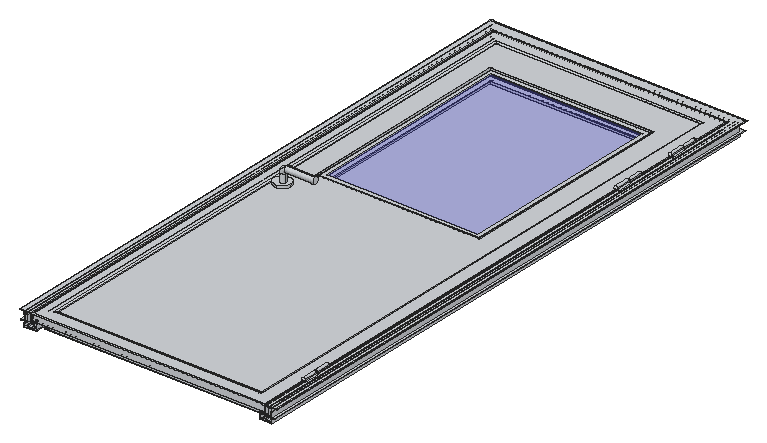
Revit family "Porta GSL", category Doors, host Face, Revit 2020
Family settings
  Host = Face
  Cut with Voids When Loaded = Yes
  Shared = No
  Room Calculation Point = No
Parameters (values of type "50 - 1000 x 2100")
  Visor = yes
  VISOR [instance] = yes
  VEDAÇÃO INFERIOR [instance] = yes
  TAMPÃO = ""
  TAG [instance] = ""
  RAL do TAMPÃO [instance] = none
  Painel 50mm [instance] = or(Espessura Painel = 50 mm, Espessura Painel = 70 mm)  # no
  Painel 32mm [instance] = Espessura Painel = 32 mm  # yes
  PISO [instance] = ""
  Offset Dobradica = if(Folha 32mm, 19 mm, 31 mm)  # 31 mm
  Offset = if(Folha 32mm, 45 mm, 57.5 mm)  # 57.5 mm
  OBSERVAÇÃO [instance] = ""
  NÚCLEO = ""
  Material do Perfil [instance] = none
  Largura do Visor = 600 mm
  Largura Vao Luz = 800 mm
  Folha 50mm = Espessura Folha = 50 mm  # yes
  Folha 32mm = Espessura Folha = 32 mm  # no
  FIXAÇÃO [instance] = ""
  Espessura Folha = 50 mm
  Espessura Painel [instance] = 32 mm
  Define Thermal Properties by = Schematic Type
  Default Elevation = 0 mm
  DETALHE [instance] = ""
  Complemento 50mm [instance] = and(Complemento, not(Complemento 32mm))  # no
  Complemento 32mm [instance] = and(Complemento, Espessura Painel = 32 mm)  # yes
  Complemento [instance] = yes
  BUMPER [instance] = yes
  Angulo Abertura [instance] = 0.00°
  Altura do Visor = 800 mm
  Altura Vao Luz = 2100 mm
  ABERTURA [instance] = ""
Types (2, lengths in mm): name | Painel 50mm | Painel 32mm | Offset Dobradica | Offset | Folha 50mm | Folha 32mm | Espessura Folha | Espessura Painel | Complemento 50mm | Complemento 32mm
  32 - 800 x 2100 | yes | no | 19 | 45 | no | yes | 32 | 70 | yes | no
  50 - 1000 x 2100 | no | yes | 31 | 57.5 | yes | no | 50 | 32 | no | yes
Reference planes
  plane 1 "Centro (Frente/Trás)": y = 0
  plane 2: z = 0
  plane 3 "Centro (Esquerda/Direita)": x = 0
  plane 4: y = 2100
  plane 5: x = 400
  plane 6: x = -400
  plane 7: x = 445
  plane 8: y = 2157.5
  plane 9: z = -32
  plane 10: z = -16
  plane 11: z = 1.503
  plane 12: z = 7.503
  plane 13: y = 232.5
  plane 14: y = 1924.5
  plane 15: y = 1674.5
  plane 16: x = 431
  plane 17: x = 935
  plane 18: x = 457.5
  plane 19: x = -457.5
  plane 20: y = 1050
Forms (mm)
  Extrusion 1, void
    sketch origin (0, 0, 0) x (1, 0, 0) y (0, 1, 0)
      loop
        line (-457.5, 2157.5) -> (-457.5, 0) -> (457.5, 0) -> (457.5, 2157.5) -> (-457.5, 2157.5)
    from 0 to -32
Lines and regions (mm)
  reference lines
    curve 1: line (431, 0, 1.514) -> (400, 0, 1.514)
    curve 2: line (431, 0, 7.503) -> (431, 0, 1.514)
Dimensions and locks
  "Altura Vao Luz": plane 1 "Centro (Frente/Trás)" to plane 4
  equal spacing: plane 6, plane 3 "Centro (Esquerda/Direita)", plane 5
  "Largura Vao Luz": plane 6 to plane 5
  locked: plane 5 to plane 7 at 45
  "Offset": plane 8 to plane 4
  equal spacing: plane 2, plane 10, plane 9
  "Espessura Painel": plane 2 to plane 9
  locked: plane 11 to plane 2 at 1.503
  locked: plane 12 to plane 2 at 7.503
  locked: curve 2 to curve 2 at 5.989
  locked: plane 1 "Centro (Frente/Trás)" to plane 13 at 232.5
  plane 15 to plane 14 to plane 4 = 250 mm locked, 175.5 mm locked
  "Offset Dobradica": plane 5 to plane 16
  "Offset Dobradica": curve 1 to curve 1
  "Offset Dobradica": nested 1 to curve 2
  "Offset": plane 5 to plane 18
  "Offset": plane 19 to plane 6
  locked: plane 1 "Centro (Frente/Trás)" to plane 20 at 1050
  locked: curve 2 to curve 1 (angle 90.00°)
  "Angulo Abertura": angle curve 2 to plane 16
  aligned and locked: plane 2 to host face
  aligned and locked: level to host face
  aligned and locked: Extrusion 1 sketch curve to plane 1 "Centro (Frente/Trás)"
  aligned and locked: plane 8 to Extrusion 1 sketch curve
  aligned and locked: plane 3 "Centro (Esquerda/Direita)" to nested 2
  aligned and locked: plane 2 to nested 2
  aligned and locked: plane 12 to curve 2
  aligned and locked: curve 1 to nested 1
  aligned and locked: plane 16 to nested 3
  aligned and locked: plane 16 to nested 4
  aligned and locked: plane 16 to nested 5
  aligned and locked: plane 16 to curve 2
  aligned and locked: Extrusion 1 sketch curve to plane 18
  aligned and locked: Extrusion 1 sketch curve to plane 19
  aligned and locked: Extrusion 1 to plane 9
  aligned and locked: plane 20 to nested 6
  aligned and locked: nested 6 to nested 1
Automatic sketch dimensions
  host sketch curve to host sketch curve = 2438.4 mm
  host sketch curve to host sketch curve = 3919.2 mm
Nested families
  nested 1: "GSL Folha" at (0, 0, -25.486) x (1, 0, 0) z (0, 1, 0), Largura <- "Largura Vao Luz", Altura <- "Altura Vao Luz", Espessura <- "Espessura Folha", Altura do Visor <- "Altura do Visor", Largura do Visor <- "Largura do Visor", Nucelo <- "RAL do TAMPÃO", Quadro <- "Material do Perfil", type "GSL Folha"
    with Quadro none, Nucelo none, Largura do Visor 600 mm, Largura 800 mm, Espessura Furo 70 mm, Espessura 50 mm, Altura do Visor 800 mm, Altura 2100 mm
  nested 2: "GSL Moldura" at (0, 0, 0) x (1, 0, 0) z (0, 1, 0), Altura <- "Altura Vao Luz", Espessura Painel <- "Espessura Painel", Largura <- "Largura Vao Luz", Material do Perfil <- "Material do Perfil", type "GSL Moldura"
    with Material do Perfil none, Largura + 90mm 890 mm, Largura + 115mm 915 mm, Largura 800 mm, Espessura Painel 32 mm, Altura 2100 mm
  nested 3: "GSL Dobradica" at (431, 232.5, 7.503) x (1, 0, 0) z (0, 1, 0), Angulo Abertura <- "Angulo Abertura", Al <- "Material do Perfil", type "GSL Dobradica"
    with Angulo Abertura 0.00°
  nested 4: "GSL Dobradica" at (431, 1674.5, 7.503) x (1, 0, 0) z (0, 1, 0), Angulo Abertura <- "Angulo Abertura", Al <- "Material do Perfil", type "GSL Dobradica"
    with Angulo Abertura 0.00°
  nested 5: "GSL Dobradica" at (431, 1924.5, 7.503) x (1, 0, 0) z (0, 1, 0), Angulo Abertura <- "Angulo Abertura", Al <- "Material do Perfil", type "GSL Dobradica"
    with Angulo Abertura 0.00°
  nested 6: "macaneta" at (-400, 1050, -0.486), Material <- "Material do Perfil", type "macaneta"
    with Material none
  nested 7: "Visor porta" at (0, 1552, 1.014), type "Visor porta"
    with Largura 600 mm, Espessura Folha 50 mm, Altura 800 mm
Definition of nested family "GSL Folha"
  Parameters (values of type "GSL Folha")
    Visor = yes
    Quadro [instance] = none
    Nucelo [instance] = none
    Largura do Visor [instance] = 600 mm
    Largura [instance] = 800 mm
    Espessura Furo [instance] = if(Visor, 70 mm, 1 mm)  # 70 mm
    Espessura [instance] = 50 mm
    Default Elevation = 0 mm
    Altura do Visor [instance] = 800 mm
    Altura [instance] = 2100 mm
    50mm = yes
    32mm = no
  Reference planes
    plane 1 "Centro (Frente/Trás)": y = 0
    plane 2: z = 0
    plane 3 "Centro (Esquerda/Direita)": x = 0
    plane 4: x = -400
    plane 5: x = 400
    plane 6: y = -25
    plane 7: y = 25
    plane 8: y = 27
    plane 9: y = -27
    plane 10: x = -402
    plane 11: x = -427
    plane 12: x = -429
    plane 13: z = 2100
    plane 14: y = -1
    plane 15: y = -3
    plane 16: x = -377
    plane 17: x = -384.717
    plane 18: z = 29.5
    plane 19: z = 2077
    plane 20: z = 52.5
    plane 21: x = -417.5
    plane 22: y = 6.5
    plane 23: y = 8
    plane 24: y = -25.5
    plane 25: y = -27
    plane 26: x = -416
    plane 27: x = -404.1
    plane 28: z = 18
    plane 29: z = 1150
    plane 30: y = 33
  Forms (mm)
    Sweep 1, solid, material <- "Quadro", visible <- "50mm"
      path origin (0, 0, 0) x (1, 0, 0) y (0, 0, 1)
        loop
          line (-400, 29.5) -> (400, 29.5) -> (400, 2100) -> (-400, 2100) -> (-400, 29.5)
      profile origin (-400, 0, 1064.75) x (-1, 0, 0) y (0, -1, 0)
        loop
          arc (2, 0) -> (2.293, 0.707) -> (3, 1) r 1
          line (3, 1) -> (22.5, 1)
          arc (22.5, 1) -> (23, 1.5) -> (22.5, 2) r 0.5
          line (22.5, 2) -> (22.5, 4.5)
          arc (22.5, 4.5) -> (22.793, 5.207) -> (23.5, 5.5) r 1
          line (23.5, 5.5) -> (27, 5.5) -> (27, 2)
          arc (27, 2) -> (26.5, 1.5) -> (27, 1) r 0.5
          line (27, 1) -> (29, 1) -> (29, 26)
          arc (29, 26) -> (28.707, 26.707) -> (28, 27) r 1
          line (28, 27) -> (-15.283, 27) -> (-23, 26) -> (-23, 25) -> (26, 25)
          arc (26, 25) -> (26.707, 24.707) -> (27, 24) r 1
          line (27, 24) -> (27, 7.5) -> (21.5, 7.5)
          arc (21.5, 7.5) -> (20.793, 7.207) -> (20.5, 6.5) r 1
          line (20.5, 6.5) -> (20.5, 3) -> (1, 3)
          arc (1, 3) -> (0.293, 2.707) -> (0, 2) r 1
          line (0, 2) -> (0, -24)
          arc (0, -24) -> (-0.293, -24.707) -> (-1, -25) r 1
          line (-1, -25) -> (-23, -25) -> (-23, -26) -> (-15.283, -27) -> (1, -27)
          arc (1, -27) -> (1.707, -26.707) -> (2, -26) r 1
          line (2, -26) -> (2, 0)
    Extrusion 2, solid, visible <- "50mm"
      sketch origin (-199.332, -25, 1200) x (1, 0, 0) y (0, 0, 1)
        loop
          line (-177.668, 877) -> (-177.668, -1147.5) -> (576.332, -1147.5) -> (576.332, 877) -> (-177.668, 877)
      from 0 to 1
    Extrusion 3, solid, visible <- "50mm"
      sketch origin (-357.843, 25, 1200) x (1, 0, 0) y (0, 0, 1)
        loop
          line (-19.157, 877) -> (-19.157, -1147.5) -> (734.843, -1147.5) -> (734.843, 877) -> (-19.157, 877)
      from 0 to -1
    Sweep 4, solid, visible <- "32mm"
      path origin (0, 0, 0) x (1, 0, 0) y (0, 0, 1)
        loop
          line (-400, 18) -> (400, 18) -> (400, 2100) -> (-400, 2100) -> (-400, 18)
      profile origin (-400, 0, 1059) x (-1, 0, 0) y (0, -1, 0)
        loop
          line (17.5, 27) -> (4.1, 27)
          arc (4.1, 27) -> (2.041, 26.9) -> (0, 26.609) r 22.094
          line (0, 26.609) -> (0, 25.5) -> (16, 25.5) -> (16, -6.5) -> (0, -6.5) -> (0, -7.3)
          arc (0, -7.3) -> (2.021, -7.82) -> (4.1, -8) r 12.594
          line (4.1, -8) -> (17.5, -8) -> (17.5, 27)
    Extrusion 5, solid, material <- "Nucelo", visible <- "32mm"
      sketch origin (-199.332, -25.5, 1200) x (1, 0, 0) y (0, 0, 1)
        loop
          line (-200.668, 900.5) -> (-200.668, -1182) -> (599.332, -1182) -> (599.332, 900.5) -> (-200.668, 900.5)
      from 0 to 1
    Extrusion 6, solid, visible <- "32mm"
      sketch origin (-357.843, 6.5, 1200) x (1, 0, 0) y (0, 0, 1)
        loop
          line (-42.157, 900.5) -> (-42.157, -1182) -> (757.843, -1182) -> (757.843, 900.5) -> (-42.157, 900.5)
      from 0 to -1
    Extrusion 7, void
      sketch origin (-456.096, 33, 1200) x (1, 0, 0) y (0, 0, 1)
        loop
          line (154.096, 754) -> (154.096, -50) -> (758.096, -50) -> (758.096, 754) -> (154.096, 754)
      from 0 to 70 <- "Espessura Furo"
  Cuts and joins
    Extrusion 7 cuts Extrusion 2
    Extrusion 7 cuts Extrusion 5
  Dimensions and locks
    equal spacing: plane 4, plane 3 "Centro (Esquerda/Direita)", plane 5
    "Largura": plane 4 to plane 5
    equal spacing: plane 6, plane 1 "Centro (Frente/Trás)", plane 7
    plane 6 to plane 7 = 50 mm
    locked: plane 7 to plane 8 at 2
    locked: plane 9 to plane 6 at 2
    plane 12 to plane 11 to plane 10 to plane 4 = 2 mm locked, 25 mm locked, 2 mm
    "Altura": plane 13 to plane 2
    plane 1 "Centro (Frente/Trás)" to plane 14 to plane 15 = 1 mm locked, 2 mm locked
    plane 4 to plane 17 to plane 16 = 15.283 mm locked, 7.717 mm locked
    locked: plane 18 to plane 2 at 29.5
    plane 13 to plane 19 = 23 mm
    locked: plane 20 to plane 18 at 23
    locked: plane 21 to plane 4 at 17.5
    locked: plane 22 to plane 23 at 1.5
    locked: plane 25 to plane 24 at 1.5
    plane 24 to plane 1 "Centro (Frente/Trás)" to plane 22 = 25.5 mm, 6.5 mm
    locked: plane 21 to plane 26 at 1.5
    locked: plane 27 to plane 4 at 4.1
    locked: plane 28 to plane 2 at 18
    locked: plane 29 to plane 2 at 1150
    locked: plane 30 to plane 25 at 60
    aligned and locked: level to plane 2
    aligned and locked: Sweep 1 sketch curve to plane 4
    aligned and locked: Sweep 1 sketch curve to plane 13
    aligned and locked: plane 5 to Sweep 1 sketch curve
    aligned and locked: Sweep 1 sketch curve to plane 10
    aligned and locked: Sweep 1 sketch curve to plane 12
    aligned and locked: Sweep 1 sketch curve to plane 11
    aligned and locked: Sweep 1 sketch curve to plane 9
    aligned and locked: Sweep 1 sketch curve to plane 6
    aligned and locked: Sweep 1 sketch curve to plane 7
    aligned and locked: Sweep 1 sketch curve to plane 8
    aligned and locked: profile plane to Sweep 1 sketch curve
    aligned and locked: Sweep 1 sketch curve to plane 15
    aligned and locked: Sweep 1 sketch curve to plane 14
    aligned and locked: Sweep 1 sketch curve to plane 16
    aligned and locked: plane 16 to Sweep 1 sketch curve
    aligned and locked: plane 17 to Sweep 1 sketch curve
    aligned and locked: Sweep 1 sketch curve to plane 17
    aligned and locked: Sweep 1 sketch curve to plane 18
    aligned and locked: Extrusion 2 sketch curve to plane 19
    aligned and locked: Extrusion 2 sketch curve to Sweep 1  (x3)
    aligned and locked: Sweep 4 sketch curve to plane 21
    aligned and locked: Sweep 4 sketch curve to plane 26
    aligned and locked: Sweep 4 sketch curve to plane 25
    aligned and locked: Sweep 4 sketch curve to plane 24
    aligned and locked: Sweep 4 sketch curve to plane 22
    aligned and locked: Sweep 4 sketch curve to plane 23
    aligned and locked: profile plane to Sweep 4 sketch curve
    aligned and locked: Sweep 4 sketch curve to plane 28
    aligned and locked: Sweep 4 sketch curve to plane 4
    aligned and locked: plane 5 to Sweep 4 sketch curve
    aligned and locked: Extrusion 5 sketch curve to plane 5
    aligned and locked: Extrusion 5 sketch curve to plane 4
    aligned and locked: plane 28 to Extrusion 5 sketch curve
    aligned and locked: plane 28 to Extrusion 6 sketch curve
    aligned and locked: Extrusion 6 sketch curve to plane 5
    aligned and locked: Extrusion 6 sketch curve to plane 4
    aligned and locked: Sweep 4 sketch curve to plane 13
    aligned and locked: plane 3 "Centro (Esquerda/Direita)" to nested 1
    aligned and locked: nested 1 to plane 29
    aligned and locked: Extrusion 7 sketch curve to nested 1  (x4)
  Automatic sketch dimensions
    Sweep 1 sketch curve to Sweep 1 sketch curve = 1 mm  (x9)
    Sweep 1 sketch curve to profile plane = 1 mm  (x2)
    plane 1 "Centro (Frente/Trás)" to Sweep 1 sketch curve = 0 mm
    Sweep 1 sketch curve to Sweep 1 sketch curve = 6.5 mm
    Sweep 1 sketch curve to Sweep 1 sketch curve = 2 mm
    Sweep 1 sketch curve to Sweep 1 sketch curve = 0 mm  (x2)
    Sweep 1 sketch curve to Sweep 1 sketch curve = 0.5 mm  (x2)
    Sweep 1 sketch curve to Sweep 1 sketch curve = 2.5 mm
    plane 16 to Extrusion 3 sketch curve = 0 mm
    Extrusion 3 sketch curve to plane 20 = 0 mm
    Extrusion 3 sketch curve to plane 19 = 0 mm
    Extrusion 3 sketch curve to plane 5 = 23 mm
    Sweep 4 sketch curve to profile plane = 0 mm
    Sweep 4 sketch curve to profile plane = 4.1 mm  (x2)
    Sweep 4 sketch curve to profile plane = 4.14 mm  (x2)
    Sweep 4 sketch curve to Sweep 4 sketch curve = 0.8 mm
    plane 1 "Centro (Frente/Trás)" to Sweep 4 sketch curve = 4.906 mm
    plane 13 to Extrusion 5 sketch curve = 0.5 mm
    plane 13 to Extrusion 6 sketch curve = 0.5 mm
  Nested families
    nested 1: "Visor porta" at (0, -26.5, 1552) x (1, 0, 0) z (0, -1, 0), visible <- "Visor", Largura <- "Largura do Visor", Altura <- "Altura do Visor", type "Visor porta"
      with Largura 600 mm, Espessura Folha 50 mm, Altura 800 mm
  Definition of nested family "Visor porta"
    Parameters (values of type "Visor porta")
      Largura [instance] = 600 mm
      Espessura Folha [instance] = 50 mm
      Default Elevation = 0 mm
      Altura [instance] = 800 mm
    Reference planes
      plane 1 "Centro (Frente/Trás)": y = 0
      plane 2: z = 0
      plane 3 "Centro (Esquerda/Direita)": x = 0
      plane 4: x = 300
      plane 5: y = 400
      plane 6: x = -300
      plane 7: y = -400
      plane 8: z = -5
      plane 9: z = -27
      plane 10: x = -298
      plane 11: x = 298
      plane 12: y = 398
      plane 13: y = -398
      plane 14: z = -50
      plane 15: z = -51
    Forms (mm)
      Extrusion 1, solid
        sketch origin (0, 0, 0) x (1, 0, 0) y (0, 1, 0)
          loop
            line (-1219.2, 1219.2) -> (-1219.2, -1219.2) -> (1219.2, -1219.2) -> (1219.2, 1219.2) -> (-1219.2, 1219.2)
        from 0 to -50
      Sweep 2, solid
        path origin (0, 0, 0) x (1, 0, 0) y (0, 1, 0)
          loop
            line (-300, 400) -> (-300, -400) -> (300, -400) -> (300, 400) -> (-300, 400)
        profile origin (-300, 0, 0) x (-1, 0, 0) y (0, 0, 1)
          loop
            line (0, -5) -> (-20, -5) -> (-20, -7) -> (-2, -7) -> (-2, -25) -> (-20, -25) -> (-20, -27) -> (0, -27) -> (0, -5)
      Extrusion 3, solid
        sketch origin (0, 0, 0) x (1, 0, 0) y (0, 1, 0)
          loop
            line (-298, 398) -> (-298, -398) -> (298, -398) -> (298, 398) -> (-298, 398)
        from -24 to -8
      Extrusion 4, solid
        sketch origin (-310.317, -4572, -51) x (-1, 0, 0) y (0, -1, 0)
          loop
            line (-10.317, -4972) -> (-10.317, -4172) -> (-610.317, -4172) -> (-610.317, -4972) -> (-10.317, -4972)
          loop
            line (-8.317, -4170) -> (-612.317, -4170) -> (-612.317, -4974) -> (-8.317, -4974) -> (-8.317, -4170)
        from 0 to 50 <- "Espessura Folha"
    Dimensions and locks
      equal spacing: plane 5, plane 1 "Centro (Frente/Trás)", plane 7
      equal spacing: plane 6, plane 3 "Centro (Esquerda/Direita)", plane 4
      plane 6 to plane 4 = 600 mm
      plane 5 to plane 7 = 800 mm
      "Altura": plane 5 to plane 7
      "Largura": plane 6 to plane 4
      locked: plane 2 to plane 8 at 5
      locked: plane 8 to plane 9 at 22
      locked: plane 11 to plane 4 at 2
      locked: plane 6 to plane 10 at 2
      locked: plane 5 to plane 12 at 2
      locked: plane 13 to plane 7 at 2
      "Espessura Folha": plane 2 to plane 14
      locked: plane 14 to plane 15 at 1
      aligned and locked: plane 2 to Extrusion 1
      aligned and locked: level to Extrusion 1
      aligned and locked: Sweep 2 sketch curve to plane 5
      aligned and locked: Sweep 2 sketch curve to plane 6
      aligned and locked: plane 7 to Sweep 2 sketch curve
      aligned and locked: plane 4 to Sweep 2 sketch curve
      aligned and locked: Extrusion 3 sketch curve to Sweep 2  (x4)
      aligned and locked: Extrusion 4 sketch curve to Sweep 2  (x4)
    Automatic sketch dimensions
      Extrusion 1 sketch curve to Extrusion 1 sketch curve = 2438.4 mm  (x2)
      Sweep 2 sketch curve to profile plane = 0 mm
      profile plane to Sweep 2 sketch curve = 20 mm
      Sweep 2 sketch curve to level = 5 mm
      profile plane to Sweep 2 sketch curve = 2 mm
      Sweep 2 sketch curve to Sweep 2 sketch curve = 2 mm  (x2)
      Sweep 2 sketch curve to Sweep 2 sketch curve = 0 mm
      Sweep 2 sketch curve to Sweep 2 sketch curve = 18 mm
      Extrusion 4 sketch curve to plane 4 = 2 mm
      plane 6 to Extrusion 4 sketch curve = 2 mm
      plane 5 to Extrusion 4 sketch curve = 2 mm
      Extrusion 4 sketch curve to plane 7 = 2 mm
Definition of nested family "GSL Moldura"
  Parameters (values of type "GSL Moldura")
    Material do Perfil [instance] = none
    Largura + 90mm [instance] = Largura + 90 mm  # 890 mm
    Largura + 115mm [instance] = Largura + 115 mm  # 915 mm
    Largura [instance] = 800 mm
    Folha 50mm = yes
    Folha 32mm = no
    Espessura Painel [instance] = 50 mm
    Default Elevation = 0 mm
    Complemento 50mm = no
    Complemento 32mm = yes
    Altura [instance] = 2100 mm
  Reference planes
    plane 1 "Centro (Frente/Trás)": y = 0
    plane 2: z = 0
    plane 3 "Centro (Esquerda/Direita)": x = 0
    plane 4: x = -400
    plane 5: x = 400
    plane 6: z = 2100
    plane 7: x = -445
    plane 8: x = 445
    plane 9: x = -457.5
    plane 10: x = 457.5
    plane 11: y = 50
  Forms (mm)
    Sweep 1, solid, material <- "Material do Perfil", visible <- "Folha 32mm"
      path origin (0, 0, 0) x (1, 0, 0) y (0, 0, 1)
        loop
          line (-400, 0) -> (-400, 2100) -> (400, 2100) -> (400, 0)
      profile "GSL Perfil moldura 32mm : GSL Perfil moldura 32mm" origin (-400, 0, 1050) x (-1, 0, 0) y (0, -1, 0)
        loop
          line (58.4, 1.503) -> (20.5, 1.503) -> (20.5, -14.144) -> (22.5, -14.144) -> (22.5, -0.497) -> (32, -0.497) -> (32, -3.497) -> (34, -3.497) -> (34, -0.497) -> (43, -0.497) -> (43, -10.669) -> (41, -12.669) -> (41, -37.325) -> (43, -39.325) -> (43, -49.497) -> (34, -49.497) -> (34, -46.497) -> (32, -46.497) -> (32, -49.497) -> (19.7, -49.497) -> (19.7, -46.497) -> (17.7, -46.497) -> (17.7, -49.497) -> (11.2, -49.497) -> (11.2, -46.497) -> (9.2, -46.497) -> (9.2, -49.497) -> (3.5, -49.497)
          arc (3.5, -49.497) -> (2.793, -49.204) -> (2.5, -48.497) r 1
          line (2.5, -48.497) -> (2.5, -44.497) -> (8.2, -44.497)
          arc (8.2, -44.497) -> (8.907, -44.204) -> (9.2, -43.497) r 1
          line (9.2, -43.497) -> (9.2, -38.497) -> (22.5, -38.497) -> (22.5, -26.933) -> (20.5, -26.933) -> (20.5, -36.497) -> (6, -36.497)
          arc (6, -36.497) -> (5.5, -36.997) -> (6, -37.497) r 0.5
          line (6, -37.497) -> (7.2, -37.497) -> (7.2, -43.052) -> (2.5, -43.052) -> (2.5, -37.497) -> (3.745, -37.497)
          arc (3.745, -37.497) -> (4.245, -36.997) -> (3.745, -36.497) r 0.5
          line (3.745, -36.497) -> (1.5, -36.497)
          arc (1.5, -36.497) -> (0.793, -36.79) -> (0.5, -37.497) r 1
          line (0.5, -37.497) -> (0.5, -50.497)
          arc (0.5, -50.497) -> (0.793, -51.204) -> (1.5, -51.497) r 1
          line (1.5, -51.497) -> (45, -51.497) -> (45, -38.497) -> (43, -36.497) -> (43, -13.497) -> (45, -11.497) -> (45, 0.003) -> (61.5, 0.003) -> (61.5, 0.803)
          arc (61.5, 0.803) -> (59.989, 1.326) -> (58.4, 1.503) r 7.214
    Sweep 2, solid, material <- "Material do Perfil", visible <- "Folha 50mm"
      path origin (0, 0, 0) x (1, 0, 0) y (0, 0, 1)
        loop
          line (-400, 0) -> (-400, 2100) -> (400, 2100) -> (400, 0)
      profile "GSL Perfil moldura 50mm : GSL Perfil moldura 50mm" origin (-400, 0, 1050) x (-1, 0, 0) y (0, -1, 0)
        loop
          line (53.5, -12.669) -> (55.5, -10.669) -> (55.5, -0.497) -> (46.5, -0.497) -> (46.5, -3.497) -> (44.5, -3.497) -> (44.5, -0.497) -> (35, -0.497) -> (35, -27.497) -> (21.7, -27.497) -> (21.7, -32.497)
          arc (21.7, -32.497) -> (21.407, -33.204) -> (20.7, -33.497) r 1
          line (20.7, -33.497) -> (15, -33.497) -> (15, -48.497)
          arc (15, -48.497) -> (15.293, -49.204) -> (16, -49.497) r 1
          line (16, -49.497) -> (21.7, -49.497) -> (21.7, -46.497) -> (23.7, -46.497) -> (23.7, -49.497) -> (30.2, -49.497) -> (30.2, -46.497) -> (32.2, -46.497) -> (32.2, -49.497) -> (44.5, -49.497) -> (44.5, -46.497) -> (46.5, -46.497) -> (46.5, -49.497) -> (55.5, -49.497) -> (55.5, -39.325) -> (53.5, -37.325) -> (53.5, -12.669)
        loop
          line (70.9, 1.503) -> (33, 1.503) -> (33, -25.497) -> (18.5, -25.497)
          arc (18.5, -25.497) -> (18, -25.997) -> (18.5, -26.497) r 0.5
          line (18.5, -26.497) -> (19.7, -26.497) -> (19.7, -31.497) -> (15, -31.497) -> (15, -26.497) -> (16.245, -26.497)
          arc (16.245, -26.497) -> (16.745, -25.997) -> (16.245, -25.497) r 0.5
          line (16.245, -25.497) -> (14, -25.497)
          arc (14, -25.497) -> (13.293, -25.79) -> (13, -26.497) r 1
          line (13, -26.497) -> (13, -50.497)
          arc (13, -50.497) -> (13.293, -51.204) -> (14, -51.497) r 1
          line (14, -51.497) -> (57.5, -51.497) -> (57.5, -38.497) -> (55.5, -36.497) -> (55.5, -13.497) -> (57.5, -11.497) -> (57.5, 0.003) -> (74, 0.003) -> (74, 0.803)
          arc (74, 0.803) -> (72.489, 1.326) -> (70.9, 1.503) r 7.214
    Sweep 3, solid, material <- "Material do Perfil", visible <- "Complemento 32mm"
      path origin (-525.969, 50, 1200) x (1, 0, 0) y (0, 0, 1)
        loop
          line (125.969, -1200) -> (125.969, 900) -> (925.969, 900) -> (925.969, -1200)
      profile "GSL Perfil moldura painel fino : GSL Perfil moldura painel fino" origin (-400, 50, 1050) x (-1, 0, 0) y (0, -1, 0)
        loop
          line (69, 0) -> (45, 0) -> (45, 24)
          arc (45, 24) -> (44.293, 23.707) -> (44, 23) r 1
          line (44, 23) -> (44, -1) -> (68, -1)
          arc (68, -1) -> (68.707, -0.707) -> (69, 0) r 1
    Sweep 4, solid, material <- "Material do Perfil", visible <- "Folha 50mm"
      path origin (0, 0, 0) x (1, 0, 0) y (0, 0, 1)
        loop
          line (-400, 0) -> (-400, 2100) -> (400, 2100) -> (400, 0)
      profile "GSL Perfil moldura 50mm : GSL Perfil moldura 50mm" origin (-400, 0, 1050) x (-1, 0, 0) y (0, -1, 0)
        loop
          line (53.5, -12.669) -> (55.5, -10.669) -> (55.5, -0.497) -> (46.5, -0.497) -> (46.5, -3.497) -> (44.5, -3.497) -> (44.5, -0.497) -> (35, -0.497) -> (35, -27.497) -> (21.7, -27.497) -> (21.7, -32.497)
          arc (21.7, -32.497) -> (21.407, -33.204) -> (20.7, -33.497) r 1
          line (20.7, -33.497) -> (15, -33.497) -> (15, -48.497)
          arc (15, -48.497) -> (15.293, -49.204) -> (16, -49.497) r 1
          line (16, -49.497) -> (21.7, -49.497) -> (21.7, -46.497) -> (23.7, -46.497) -> (23.7, -49.497) -> (30.2, -49.497) -> (30.2, -46.497) -> (32.2, -46.497) -> (32.2, -49.497) -> (44.5, -49.497) -> (44.5, -46.497) -> (46.5, -46.497) -> (46.5, -49.497) -> (55.5, -49.497) -> (55.5, -39.325) -> (53.5, -37.325) -> (53.5, -12.669)
        loop
          line (70.9, 1.503) -> (33, 1.503) -> (33, -25.497) -> (18.5, -25.497)
          arc (18.5, -25.497) -> (18, -25.997) -> (18.5, -26.497) r 0.5
          line (18.5, -26.497) -> (19.7, -26.497) -> (19.7, -31.497) -> (15, -31.497) -> (15, -26.497) -> (16.245, -26.497)
          arc (16.245, -26.497) -> (16.745, -25.997) -> (16.245, -25.497) r 0.5
          line (16.245, -25.497) -> (14, -25.497)
          arc (14, -25.497) -> (13.293, -25.79) -> (13, -26.497) r 1
          line (13, -26.497) -> (13, -50.497)
          arc (13, -50.497) -> (13.293, -51.204) -> (14, -51.497) r 1
          line (14, -51.497) -> (57.5, -51.497) -> (57.5, -38.497) -> (55.5, -36.497) -> (55.5, -13.497) -> (57.5, -11.497) -> (57.5, 0.003) -> (74, 0.003) -> (74, 0.803)
          arc (74, 0.803) -> (72.489, 1.326) -> (70.9, 1.503) r 7.214
    Sweep 5, solid, material <- "Material do Perfil", visible <- "Complemento 50mm"
      path origin (-525.969, 50, 1200) x (1, 0, 0) y (0, 0, 1)
        loop
          line (125.969, -1200) -> (125.969, 900) -> (925.969, 900) -> (925.969, -1200)
      profile "GSL Perfil moldura painel fino : GSL Perfil moldura painel fino" origin (-400, 50, 1050) x (-1, 0, 0) y (0, -1, 0)
        loop
          line (81.5, 0) -> (57.5, 0) -> (57.5, 24)
          arc (57.5, 24) -> (56.793, 23.707) -> (56.5, 23) r 1
          line (56.5, 23) -> (56.5, -1) -> (80.5, -1)
          arc (80.5, -1) -> (81.207, -0.707) -> (81.5, 0) r 1
  Dimensions and locks
    equal spacing: plane 4, plane 3 "Centro (Esquerda/Direita)", plane 5
    "Largura": plane 4 to plane 5
    "Altura": plane 6 to plane 2
    equal spacing: plane 7, plane 3 "Centro (Esquerda/Direita)", plane 8
    "Largura + 90mm": plane 7 to plane 8
    equal spacing: plane 9, plane 3 "Centro (Esquerda/Direita)", plane 10
    "Largura + 115mm": plane 9 to plane 10
    "Espessura Painel": plane 1 "Centro (Frente/Trás)" to plane 11
    aligned and locked: level to plane 2
    aligned and locked: Sweep 1 sketch curve to plane 4
    aligned and locked: Sweep 1 sketch curve to plane 6
    aligned and locked: plane 5 to Sweep 1 sketch curve
    aligned and locked: plane 2 to Sweep 1 sketch curve  (x2)
  Automatic sketch dimensions
    plane 4 to Sweep 2 sketch curve = 0 mm
    Sweep 2 sketch curve to level = 0 mm  (x2)
    Sweep 2 sketch curve to plane 5 = 0 mm
    Sweep 2 sketch curve to plane 6 = 0 mm
    plane 4 to Sweep 4 sketch curve = 0 mm
    Sweep 4 sketch curve to level = 0 mm  (x2)
    Sweep 4 sketch curve to plane 5 = 0 mm
    Sweep 4 sketch curve to plane 6 = 0 mm
    Sweep 3 sketch curve to level = 0 mm  (x2)
    Sweep 3 sketch curve to plane 5 = 0 mm
    plane 4 to Sweep 3 sketch curve = 0 mm
    Sweep 3 sketch curve to plane 6 = 0 mm
    plane 4 to Sweep 5 sketch curve = 0 mm
    Sweep 5 sketch curve to level = 0 mm  (x2)
    Sweep 5 sketch curve to plane 5 = 0 mm
    Sweep 5 sketch curve to plane 6 = 0 mm
Definition of nested family "GSL Dobradica"
  Parameters (values of type "GSL Dobradica")
    Default Elevation = 1219.2 mm
    Angulo Abertura [instance] = 90.00°
    Al [instance] = none
  Reference planes
    plane 1 "Centro (Frente/Trás)": y = 0
    plane 2: z = 0
    plane 3 "Centro (Esquerda/Direita)": x = 0
    plane 4: y = 6
    plane 5: x = 9
    plane 6: x = -6
  Forms (mm)
    Revolve 1, solid, material <- "Al"
      sketch origin (0, 0, 0) x (1, 0, 0) y (0, 0, 1)
        loop
          arc (5.156, -0.947) -> (4.871, -0.285) -> (4.21, 0) r 0.974
          line (4.21, 0) -> (0, 0) -> (0, -59) -> (1.144, -59)
          arc (1.144, -59) -> (3.983, -57.83) -> (5.156, -54.992) r 4
          line (5.156, -54.992) -> (5.156, -0.947)
        axis (0, -59) -> (0, 0)
      angle from 0 to 360
    Revolve 2, solid, material <- "Al"
      sketch origin (0, 0, 0) x (1, 0, 0) y (0, 0, -1)
        loop
          arc (5.156, -0.947) -> (4.871, -0.285) -> (4.21, 0) r 0.974
          line (4.21, 0) -> (0, 0) -> (0, -59) -> (1.144, -59)
          arc (1.144, -59) -> (3.983, -57.83) -> (5.156, -54.992) r 4
          line (5.156, -54.992) -> (5.156, -0.947)
        axis (0, -59) -> (0, 0)
      angle from 0 to 360
    Extrusion 3, solid, material <- "Al"
      sketch origin (0, 0, 0) x (1, 0, 0) y (0, 1, 0)
        loop
          line (0, 6) -> (0, 5.156)
          arc (0, 5.156) -> (3.646, 3.646) -> (5.156, 0) r 5.156
          line (5.156, 0) -> (9, 6) -> (0, 6)
      from -54.992 to -0.947
    Extrusion 4, solid, material <- "Al"
      sketch origin (0, 0, 0) x (0.906308, -0.422618, 0) y (0.422618, 0.906308, 0)
        loop
          line (-1.634, -10.692) -> (2.179, -4.673)
          arc (2.179, -4.673) -> (-1.763, -4.845) -> (-4.673, -2.179) r 5.156
          line (-4.673, -2.179) -> (-5.438, -2.536) -> (-1.634, -10.692)
      from 0.947 to 54.992
  Lines and regions (mm)
    reference lines
      curve 1: line (0, 0, 0) -> (-6, 0, 0)
  Dimensions and locks
    locked: Extrusion 4 sketch curve to Extrusion 4 sketch curve at 9
    locked: Extrusion 4 sketch curve to Extrusion 4 sketch curve at 6
    locked: Extrusion 4 sketch curve to Extrusion 4 sketch curve at 0.844
    locked: plane 6 to plane 3 "Centro (Esquerda/Direita)" at 6
    "Angulo Abertura": angle plane 3 "Centro (Esquerda/Direita)" to curve 1
    locked: Extrusion 4 sketch curve to Extrusion 4 sketch curve (angle 57.3521°)
    aligned and locked: level to plane 2
    aligned and locked: Extrusion 3 sketch curve to plane 4
    aligned and locked: Extrusion 3 sketch curve to plane 3 "Centro (Esquerda/Direita)"
    aligned and locked: plane 3 "Centro (Esquerda/Direita)" to curve 1
    aligned and locked: plane 1 "Centro (Frente/Trás)" to curve 1
    aligned and locked: curve 1 to Extrusion 4 sketch curve
    aligned and locked: Extrusion 4 sketch curve to Revolve 2
  Automatic sketch dimensions
    Revolve 1 sketch curve to plane 3 "Centro (Esquerda/Direita)" = 0 mm  (x2)
    Revolve 1 sketch curve to level = 0 mm  (x2)
    Revolve 1 sketch curve to Revolve 1 sketch curve = 1.144 mm
    plane 3 "Centro (Esquerda/Direita)" to Revolve 1 sketch curve = 1.156 mm
    Revolve 1 sketch curve to level = 0.973 mm
    plane 3 "Centro (Esquerda/Direita)" to Revolve 1 sketch curve = 4.182 mm
    Revolve 1 sketch curve to Revolve 1 sketch curve = 0.028 mm
    Revolve 1 sketch curve to level = 0.947 mm
    Revolve 1 sketch curve to Revolve 1 sketch curve = 54.019 mm
    Revolve 1 sketch curve to Revolve 1 sketch curve = 0.008 mm
    Revolve 1 sketch curve to Revolve 1 sketch curve = 8.09 mm
    Revolve 2 sketch curve to plane 3 "Centro (Esquerda/Direita)" = 0 mm  (x2)
    Revolve 2 sketch curve to level = 0 mm  (x2)
    Revolve 2 sketch curve to Revolve 2 sketch curve = 1.144 mm
    Revolve 2 sketch curve to plane 3 "Centro (Esquerda/Direita)" = 1.156 mm
    Revolve 2 sketch curve to level = 0.973 mm
    Revolve 2 sketch curve to plane 3 "Centro (Esquerda/Direita)" = 4.182 mm
    Revolve 2 sketch curve to Revolve 2 sketch curve = 0.028 mm
    Revolve 2 sketch curve to level = 0.947 mm
    Revolve 2 sketch curve to Revolve 2 sketch curve = 54.019 mm
    Revolve 2 sketch curve to Revolve 2 sketch curve = 0.008 mm
    Revolve 2 sketch curve to Revolve 2 sketch curve = 8.09 mm
    plane 1 "Centro (Frente/Trás)" to Extrusion 3 sketch curve = 0 mm
    Extrusion 3 sketch curve to plane 5 = 0 mm
    Extrusion 3 sketch curve to plane 5 = 3.844 mm
Definition of nested family "macaneta"
  Parameters (values of type "macaneta")
    Material [instance] = none
    Default Elevation = 1219.2 mm
  Reference planes
    plane 1 "Centro (Frente/Trás)": y = 0
    plane 2: z = 0
    plane 3 "Centro (Esquerda/Direita)": x = 0
  Dimensions and locks
    aligned and locked: level to plane 2
    aligned and locked: plane 3 "Centro (Esquerda/Direita)" to nested 1
    aligned and locked: nested 1 to plane 2
  Nested families
    nested 1: "Alavanca da maçaneta" at (-150, 0, 0) x (1, 0, 0) z (0, -1, 0), Material <- "Material", type "Padrão"
      with Distância X da maçaneta 57.5 mm
  Definition of nested family "Alavanca da maçaneta"
    Parameters (values of type "Padrão")
      Material [instance] = none
      Define Thermal Properties by = 1
      Default Elevation = 1219.2 mm
      Distância Z da maçaneta = 0 mm
      Distância X da maçaneta [instance] = 75.009 mm
      Assembly Code = ""
      Analytic Construction = "<Nenhum>"
    Reference planes
      plane 1 "Centro (Frente/Trás)": y = 0
      plane 2: z = 0
      plane 3 "Centro (Esquerda/Direita)": x = 150
      plane 4: z = 0
      plane 5 "Maçaneta C/L": x = 225.009
    Forms (mm)
      Extrusion 1, solid, material <- "Material"
        sketch origin (300, 0, 0) x (1, 0, 0) y (0, 0, -1)
          loop
            circle (-77.491, 0) r 30
        from 0 to 8
      Sweep 2, solid, material <- "Material"
        path origin (0, 0, 0) x (0, -1, 0) y (1, 0, 0)
          loop
            line (-8, 225.009) -> (-38, 225.009)
            arc (-38, 225.009) -> (-48.607, 229.403) -> (-53, 240.009) r 15
            line (-53, 240.009) -> (-53, 345.009)
        profile origin (225.009, 23, 0) x (1, 0, 0) y (0, 0, 1)
          loop
            circle (0, 0) r 10
    Dimensions and locks
      "Distância Z da maçaneta": plane 4 to level
      Sweep 2 sketch curve to Sweep 2 sketch curve = 105 mm
      "Distância X da maçaneta": plane 5 "Maçaneta C/L" to plane 3 "Centro (Esquerda/Direita)"
      plane 5 "Maçaneta C/L" to Sweep 2 sketch curve = 120 mm
      aligned and locked: plane 4 to Extrusion 1 sketch curve
    Automatic sketch dimensions
      Sweep 2 sketch curve to profile plane = 0 mm  (x2)
      Sweep 2 sketch curve to plane 5 "Maçaneta C/L" = 0 mm
      Sweep 2 sketch curve to plane 1 "Centro (Frente/Trás)" = 53 mm
      Sweep 2 sketch curve to plane 1 "Centro (Frente/Trás)" = 8 mm
      Extrusion 1 sketch curve to plane 5 "Maçaneta C/L" = 2.5 mm
      radius of Sweep 2 sketch curve = 10 mm
      radius of Extrusion 1 sketch curve = 30 mm
Definition of nested family "Visor porta"
  Parameters (values of type "Visor porta")
    Largura [instance] = 600 mm
    Espessura Folha [instance] = 50 mm
    Default Elevation = 0 mm
    Altura [instance] = 800 mm
  Reference planes
    plane 1 "Centro (Frente/Trás)": y = 0
    plane 2: z = 0
    plane 3 "Centro (Esquerda/Direita)": x = 0
    plane 4: x = 300
    plane 5: y = 400
    plane 6: x = -300
    plane 7: y = -400
    plane 8: z = -5
    plane 9: z = -27
    plane 10: x = -298
    plane 11: x = 298
    plane 12: y = 398
    plane 13: y = -398
    plane 14: z = -50
    plane 15: z = -51
  Forms (mm)
    Extrusion 1, solid
      sketch origin (0, 0, 0) x (1, 0, 0) y (0, 1, 0)
        loop
          line (-1219.2, 1219.2) -> (-1219.2, -1219.2) -> (1219.2, -1219.2) -> (1219.2, 1219.2) -> (-1219.2, 1219.2)
      from 0 to -50
    Sweep 2, solid
      path origin (0, 0, 0) x (1, 0, 0) y (0, 1, 0)
        loop
          line (-300, 400) -> (-300, -400) -> (300, -400) -> (300, 400) -> (-300, 400)
      profile origin (-300, 0, 0) x (-1, 0, 0) y (0, 0, 1)
        loop
          line (0, -5) -> (-20, -5) -> (-20, -7) -> (-2, -7) -> (-2, -25) -> (-20, -25) -> (-20, -27) -> (0, -27) -> (0, -5)
    Extrusion 3, solid
      sketch origin (0, 0, 0) x (1, 0, 0) y (0, 1, 0)
        loop
          line (-298, 398) -> (-298, -398) -> (298, -398) -> (298, 398) -> (-298, 398)
      from -24 to -8
    Extrusion 4, solid
      sketch origin (-310.317, -4572, -51) x (-1, 0, 0) y (0, -1, 0)
        loop
          line (-10.317, -4972) -> (-10.317, -4172) -> (-610.317, -4172) -> (-610.317, -4972) -> (-10.317, -4972)
        loop
          line (-8.317, -4170) -> (-612.317, -4170) -> (-612.317, -4974) -> (-8.317, -4974) -> (-8.317, -4170)
      from 0 to 50 <- "Espessura Folha"
  Dimensions and locks
    equal spacing: plane 5, plane 1 "Centro (Frente/Trás)", plane 7
    equal spacing: plane 6, plane 3 "Centro (Esquerda/Direita)", plane 4
    plane 6 to plane 4 = 600 mm
    plane 5 to plane 7 = 800 mm
    "Altura": plane 5 to plane 7
    "Largura": plane 6 to plane 4
    locked: plane 2 to plane 8 at 5
    locked: plane 8 to plane 9 at 22
    locked: plane 11 to plane 4 at 2
    locked: plane 6 to plane 10 at 2
    locked: plane 5 to plane 12 at 2
    locked: plane 13 to plane 7 at 2
    "Espessura Folha": plane 2 to plane 14
    locked: plane 14 to plane 15 at 1
    aligned and locked: plane 2 to Extrusion 1
    aligned and locked: level to Extrusion 1
    aligned and locked: Sweep 2 sketch curve to plane 5
    aligned and locked: Sweep 2 sketch curve to plane 6
    aligned and locked: plane 7 to Sweep 2 sketch curve
    aligned and locked: plane 4 to Sweep 2 sketch curve
    aligned and locked: Extrusion 3 sketch curve to Sweep 2  (x4)
    aligned and locked: Extrusion 4 sketch curve to Sweep 2  (x4)
  Automatic sketch dimensions
    Extrusion 1 sketch curve to Extrusion 1 sketch curve = 2438.4 mm  (x2)
    Sweep 2 sketch curve to profile plane = 0 mm
    profile plane to Sweep 2 sketch curve = 20 mm
    Sweep 2 sketch curve to level = 5 mm
    profile plane to Sweep 2 sketch curve = 2 mm
    Sweep 2 sketch curve to Sweep 2 sketch curve = 2 mm  (x2)
    Sweep 2 sketch curve to Sweep 2 sketch curve = 0 mm
    Sweep 2 sketch curve to Sweep 2 sketch curve = 18 mm
    Extrusion 4 sketch curve to plane 4 = 2 mm
    plane 6 to Extrusion 4 sketch curve = 2 mm
    plane 5 to Extrusion 4 sketch curve = 2 mm
    Extrusion 4 sketch curve to plane 7 = 2 mm
